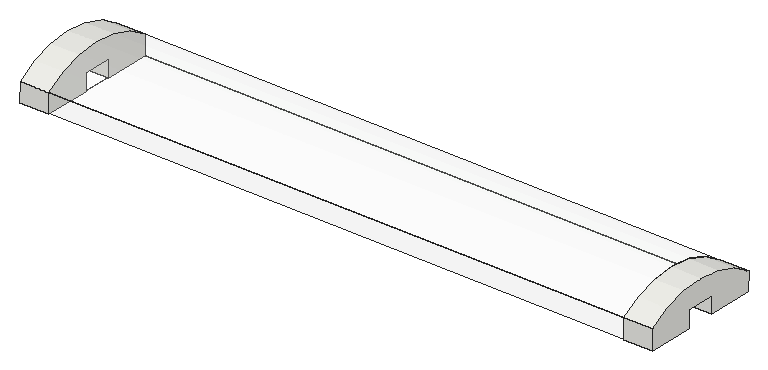
Revit family "b2d4a656c183454d97f06895a0af7803", category Lighting Fixtures, host Face, Revit 2021
Family settings
  Host = Face
  Round Connector Dimension = Use Diameter
  Part Type = Normal
  OmniClass Number = 23.80.70.11.14
  OmniClass Title = General Luminaries, Directional
  Cut with Voids When Loaded = No
  Light Source = Yes
  Shared = No
  Room Calculation Point = No
Parameters (values of type "6''")
  Number of Poles = 1
  Load Classification = Lighting - Dwelling Unit
  Lamp Width = 0' - 1 1/4"
  Wattage Comments = "2.5"
  Wattage = 5 W
  built-in parameter 1150110 = 1 (stored number, unit not read)
  built-in parameter 1114217 = 1 (stored number, unit not read)
  Tilt Angle = 30.00°
  built-in parameter 1150109 = 1 (stored number, unit not read)
  built-in parameter 1150134 = 3
  built-in parameter 1150113 = 1 (stored number, unit not read)
  Photometric Web File = "24LWL22XUX.IES"
  built-in parameter 1150105 = -240125 (stored number, unit not read)
  Lumens = 1250 lm
  built-in parameter 1150115 = 1 (stored number, unit not read)
  built-in parameter 1150137 = (empty or 0)
  built-in parameter 1150139 = (empty or 0)
  Lamp Length = 0' - 6"
  built-in parameter 1150112 = 1 (stored number, unit not read)
  Diffuser Material = Glass, White, High Luminance
  built-in parameter 1150114 = 1 (stored number, unit not read)
  Lamp = "LED"
  built-in parameter 1150132 = (empty or 0)
  built-in parameter 1150102 = (empty or 0)
  built-in parameter 1150107 = 3200 (stored number, unit not read)
  built-in parameter 1150138 = (empty or 0)
  built-in parameter 1150106 = -2401.2 (stored number, unit not read)
  Shade Material = Steel, Paint Finish, Ivory, Glossy
  built-in parameter 1150104 = 23.226 (stored number, unit not read)
  Dimming Lamp Color Temperature Shift = <None>
  Description = ""
  Default Elevation = 4' - 0"
  Color Filter = 16777215
  built-in parameter 1140040 [instance] = 1
  built-in parameter 1114218 = 1 (stored number, unit not read)
  built-in parameter 1150133 = 10 (stored number, unit not read)
  Apparent Load = 5 VA
  Voltage = 120 V
Reference planes (in)
  plane 1 "Center (Front/Back)": y = 0
  plane 2: z = 0
  plane 3 "Center (Left/Right)": x = 0
  plane 4: y = 0.625
  plane 5: y = -0.625
  plane 6: x = -3
  plane 7: x = 3
  plane 8: z = -0.43301
  plane 9: x = -3.3
  plane 10: x = 3.3
  plane 11: z = 0.175
  plane 12: y = 0.15
  plane 13: y = -0.15
  plane 14: x = 9
  plane 15: z = 24.175
  plane 16: through (0, -180, 24.175) normal (0.866, 0, -0.5)
  plane 17: through (-10.23474, -180, 6.44792) normal (0.5, 0, 0.866)
Forms (in)
  Extrusion 1, solid, material "Steel, Paint Finish, Ivory, Glossy" <- "Shade Material"
    sketch origin (0, 0, 0) x (0, 1, 0) y (0, 0, 1)
      loop
        line (0.625, 0) -> (0.625, 0.20022)
        arc (0.625, 0.20022) -> (0, 0.40211) -> (-0.625, 0.20022) r 1.06838
        line (-0.625, 0.20022) -> (-0.625, 0) -> (-0.15, 0) -> (-0.15, 0.175) -> (0.15, 0.175) -> (0.15, 0) -> (0.625, 0)
    from -3.3 to -3
  Extrusion 2, solid, material "Steel, Paint Finish, Ivory, Glossy" <- "Shade Material"
    sketch origin (0, 0, 0) x (0, 1, 0) y (0, 0, 1)
      loop
        line (0.625, 0) -> (0.625, 0.20022)
        arc (0.625, 0.20022) -> (0, 0.40211) -> (-0.625, 0.20022) r 1.06838
        line (-0.625, 0.20022) -> (-0.625, 0) -> (-0.15, 0) -> (-0.15, 0.175) -> (0.15, 0.175) -> (0.15, 0) -> (0.625, 0)
    from 3 to 3.3
  Extrusion 3, solid, material "Glass, White, High Luminance" <- "Diffuser Material"
    sketch origin (0, 0, 0) x (0, 1, 0) y (0, 0, 1)
      loop
        line (0.625, 0) -> (0.625, 0.20022)
        arc (0.625, 0.20022) -> (0, 0.40211) -> (-0.625, 0.20022) r 1.06838
        line (-0.625, 0.20022) -> (-0.625, 0) -> (0.625, 0)
    from -3 to 3
Lines and regions (in)
  symbolic lines, detail levels coarse
    curve 1: line (-3.3, 0.625, 0) -> (3.3, 0.625, 0)
    curve 2: line (-3.3, -0.625, 0) -> (-3.3, 0.625, 0)
    curve 3: line (3.3, -0.625, 0) -> (-3.3, -0.625, 0)
    curve 4: line (3.3, 0.625, 0) -> (3.3, -0.625, 0)
    curve 5: circle (0, 0, 0) r 0.15 normal (0, 0, 1)
    curve 6: line (0.14974, -0.00888, 0) -> (3.27291, -0.62015, 0)
    curve 7: line (-0.14974, -0.00885, 0) -> (-3.30007, -0.6236, 0)
    curve 8: line (0.14974, 0.00888, 0) -> (3.28225, 0.625, 0)
    curve 9: line (0.14974, 0.00882, 0) -> (3.3, 0.62578, 0)
    curve 10: line (0.14974, -0.00882, 0) -> (3.27291, -0.62008, 0)
    curve 11: line (-0.14974, 0.00885, 0) -> (-3.30007, 0.6236, 0)
Dimensions and locks (in)
  equal spacing: plane 4, plane 1 "Center (Front/Back)", plane 5
  equal spacing: plane 6, plane 3 "Center (Left/Right)", plane 7
  "Lamp Length": plane 6 to plane 7
  "Lamp Width": plane 4 to plane 5
  equal spacing: plane 9, plane 3 "Center (Left/Right)", plane 10
  plane 9 to plane 10 = 0' - 6.6"
  plane 11 to plane 2 = 0' - 0.175"
  equal spacing: plane 12, plane 1 "Center (Front/Back)", plane 13
  plane 12 to plane 13 = 0' - 0.3"
  plane 3 "Center (Left/Right)" to plane 14 = 0' - 9"
  plane 15 to plane 11 = 2' - 0"
  locked: plane 6 to plane 9 at 0.3
  plane 10 to plane 7 = 0' - 0.3"
  diameter of curve 5 = 0' - 0.3"
  locked: plane 15 to plane 16 (angle 60.00°)
  locked: plane 17 to plane 15 (angle 30.00°)
  aligned and locked: plane 2 to host face
  aligned and locked: level to host face
  aligned and locked: plane 17 to imposter light
  aligned and locked: plane 9 to curve 2
  aligned and locked: plane 5 to curve 3
  aligned and locked: curve 1 to plane 4
  aligned and locked: plane 10 to curve 4
  aligned and locked: plane 3 "Center (Left/Right)" to curve 5
  aligned and locked: plane 1 "Center (Front/Back)" to curve 5
  aligned and locked: plane 10 to curve 9
  aligned and locked: plane 4 to curve 4
  aligned and locked: Extrusion 1 sketch curve to plane 4
  aligned and locked: Extrusion 1 sketch curve to plane 5
  aligned and locked: plane 12 to Extrusion 1 sketch curve
  aligned and locked: Extrusion 1 sketch curve to plane 11
  aligned and locked: Extrusion 1 sketch curve to plane 13
  aligned and locked: Extrusion 1 to plane 9
  aligned and locked: plane 6 to Extrusion 1
  aligned and locked: Extrusion 2 sketch curve to plane 4
  aligned and locked: Extrusion 2 sketch curve to plane 5
  aligned and locked: plane 12 to Extrusion 2 sketch curve
  aligned and locked: Extrusion 2 sketch curve to plane 13
  aligned and locked: Extrusion 2 sketch curve to plane 11
  aligned and locked: Extrusion 2 to plane 7
  aligned and locked: Extrusion 2 to plane 10
  aligned and locked: Extrusion 3 to plane 6
  aligned and locked: plane 7 to Extrusion 3
Automatic sketch dimensions
  host sketch curve to host sketch curve = 0' - 6.6"
  host sketch curve to host sketch curve = 0' - 3.38166"
  curve 8 to plane 4 = 0' - 0"
  curve 11 to plane 9 = 0' - 0.00007"
  curve 7 to plane 9 = 0' - 0.00007"
  curve 11 to plane 1 "Center (Front/Back)" = 0' - 0.00885"
  plane 1 "Center (Front/Back)" to curve 7 = 0' - 0.00885"
  plane 1 "Center (Front/Back)" to curve 6 = 0' - 0.00888"
  curve 8 to plane 1 "Center (Front/Back)" = 0' - 0.00888"
  curve 9 to plane 1 "Center (Front/Back)" = 0' - 0.00882"
  plane 1 "Center (Front/Back)" to curve 10 = 0' - 0.00882"
  plane 5 to curve 6 = 0' - 0.00485"
  plane 10 to curve 6 = 0' - 0.02709"
  plane 5 to curve 10 = 0' - 0.00492"
  curve 6 to curve 10 = 0' - 0"
  plane 10 to curve 8 = 0' - 0.01775"
  plane 5 to curve 7 = 0' - 0.0014"
  curve 11 to plane 4 = 0' - 0.0014"
  curve 1 to curve 9 = 0' - 0.00078"
  Extrusion 1 sketch curve to level = 0' - 0"  (x2)
  Extrusion 1 sketch curve to plane 1 "Center (Front/Back)" = 0' - 0"
  Extrusion 1 sketch curve to plane 8 = 0' - 0.23325"
  plane 11 to Extrusion 1 sketch curve = 0' - 0.02522"
  Extrusion 2 sketch curve to level = 0' - 0"  (x2)
  Extrusion 2 sketch curve to plane 1 "Center (Front/Back)" = 0' - 0"
  Extrusion 2 sketch curve to plane 8 = 0' - 0.23325"
  plane 11 to Extrusion 2 sketch curve = 0' - 0.02522"
  Extrusion 3 sketch curve to plane 5 = 0' - 0"
  Extrusion 3 sketch curve to plane 1 "Center (Front/Back)" = 0' - 0"
  Extrusion 3 sketch curve to plane 4 = 0' - 0"
  Extrusion 3 sketch curve to plane 8 = 0' - 0.23325"
  plane 11 to Extrusion 3 sketch curve = 0' - 0.02522"
  Extrusion 3 sketch curve to level = 0' - 0"
Connectors (in)
  electrical at (0, 0, 0), driven by "Voltage", driven by "Apparent Load"
    settings: on Extrusion 3, index 1, voltage 120 V, apparent load 0 VA, apparent load phase1 5 VA, apparent load phase2 0 VA, apparent load phase3 0 VA, power factor 0.95, load classification "Lighting - Dwelling Unit", number of poles 1, system type 31, power factor state 1, is connector primary yes, connector utility no, sub classification motor no, connector description ""
